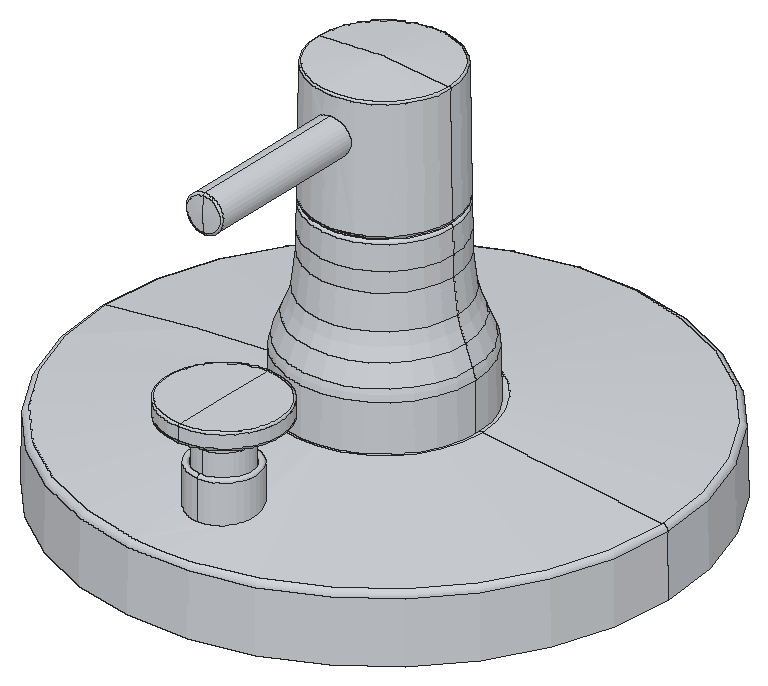
Revit family "Faucet-Valve_Trim-KOHLER-Toobi-K-T8979-4", category Generic Models, host Face, Revit 2015
Parameters (values of type "CP-Polished Chrome")
  Width = 6 1/2"  # constant formula
  URL = "http://www.us.kohler.com/us/"
  Type = 1
  Product Page URL = "http://www.us.kohler.com/us/catalog/productDetails.jsp?productNumber=T8979-4"
  Product Name = "Toobi"  # constant formula
  Product Documentation Link = "http://www.us.kohler.com/onlinecatalog/pdf/K-T8979-4_spec.pdf"
  Outlet Connector = "Outlet Connection"  # constant formula
  Model = if(Type = 1, "K-T8979-4-CP", if(Type = 2, "K-T8979-4-BN", "NA"))  # "K-T8979-4-CP"
  Material = "Premium Metal Construction"  # constant formula
  MasterFormat 2004 = "10.28.13"  # constant formula
  MasterFormat 1995 = "10820"  # constant formula
  Manufacturer Address = "444 Highland Drive, Kohler, WI 53044"  # constant formula
  Manufacturer = "KOHLER Co."  # constant formula
  Length = 4 1/2"  # constant formula
  Inlet Connector = "Inlet Connection"  # constant formula
  Height = 6 1/2"  # constant formula
  Finish = Kohler-Metal-CP-Polished_Chrome
  Description = "Toobi Rite-Temp valve trim with diverter, valve not included"  # constant formula
  Default Elevation = 42"
  Date Modified = "10/05/2017"  # constant formula
  Date Created = "10/05/2017"  # constant formula
  Copyright = "Copyright KOHLER Company"  # constant formula
  Contact Us = "https://www.us.kohler.com/us/static/contact.jsp"
  Assembly Code = "C1030200"
  ADA Compliant = yes
Types (3): name | Type | Model | Finish
  (no name) | 1 | "K-T8979-4-CP" | Kohler-Metal-CP-Polished_Chrome
  CP-Polished Chrome | 1 | "K-T8979-4-CP" | Kohler-Metal-CP-Polished_Chrome
  BN-Vibrant Brushed Nickel | 2 | "K-T8979-4-BN" | Kohler-Metal-BN-Vibrant_Brushed_Nickel
Reference planes (in)
  plane 1 "Center (Front/Back)": y = 0
  plane 2: z = 0
  plane 3 "Center (Left/Right)": x = 0
  plane 4: y = 3.25
  plane 5: y = -3.25
  plane 6: x = -3.25
  plane 7: x = 3.25
  plane 8: z = 4.5
Dimensions and locks (in)
  "Width": plane 6 to plane 7
  "Height": plane 4 to plane 5
  "Length": plane 8 to level
  aligned and locked: plane 2 to host face
  aligned and locked: level to host face
Automatic sketch dimensions
  host sketch curve to host sketch curve = 96"  (x2)
Nested families (in)
  nested 1: "K-T8979-4" at (0, 0, 0), type "K-T8979-4"
Definition of nested family "K-T8979-4"
  Parameters (values of type "K-T8979-4")
    Material = none
  Reference planes (in)
    plane 1 "Center (Front/Back)": y = 0
    plane 2: z = 0
    plane 3 "Center (Left/Right)": x = 0
  Forms (in)
    Revolve 1, solid, material <- "Material"
      sketch origin (0, 0, 0) x (1, 0, 0) y (0, 0, 1)
        loop
          line (0, 0) -> (0, 4.44709)
          arc (0, 4.44709) -> (-0.37341, 4.43341) -> (-0.74481, 4.39243) r 5.10125
          arc (-0.74481, 4.39243) -> (-0.7582, 4.38515) -> (-0.7637, 4.37093) r 0.02212
          line (-0.7637, 4.37093) -> (-0.78715, 3.02709)
          arc (-0.78715, 3.02709) -> (-0.78146, 3.01281) -> (-0.76728, 3.00687) r 0.01988
          line (-0.76728, 3.00687) -> (-0.68374, 3.00687)
          arc (-0.68374, 3.00687) -> (-0.6981, 2.98662) -> (-0.72168, 2.97887) r 0.03971
          line (-0.72168, 2.97887) -> (-0.75788, 2.97887)
          arc (-0.75788, 2.97887) -> (-0.7791, 2.97019) -> (-0.78815, 2.94913) r 0.03027
          line (-0.78815, 2.94913) -> (-0.79295, 2.67401)
          arc (-0.79295, 2.67401) -> (-0.79475, 2.56421) -> (-0.79632, 2.45442) r 52.37896
          arc (-0.79632, 2.45442) -> (-0.8085, 2.2667) -> (-0.8399, 2.08123) r 1.82724
          arc (-0.8399, 2.08123) -> (-0.87883, 1.94412) -> (-0.93321, 1.81237) r 1.24227
          arc (-0.93321, 1.81237) -> (-0.98084, 1.70425) -> (-1.02102, 1.59314) r 1.74035
          arc (-1.02102, 1.59314) -> (-1.03687, 1.5321) -> (-1.04543, 1.46962) r 0.53517
          arc (-1.04543, 1.46962) -> (-1.05824, 1.18466) -> (-1.05263, 0.89946) r 4.41666
          arc (-1.05263, 0.89946) -> (-1.07602, 0.94855) -> (-1.12727, 0.96672) r 0.07105
          arc (-1.12727, 0.96672) -> (-2.1626, 0.88801) -> (-3.19298, 0.75987) r 21.70408
          arc (-3.19298, 0.75987) -> (-3.23548, 0.7367) -> (-3.25293, 0.69155) r 0.07031
          line (-3.25293, 0.69155) -> (-3.265, 0) -> (0, 0)
        axis (0, 4.44709) -> (0, 0)
      angle from 0 to 360
    Revolve 2, solid, material <- "Material"
      sketch origin (0, 0, 0) x (0, 1, 0) y (0, 0, 1)
        loop
          line (-2.30186, 1.94538) -> (-2.30186, 0.78304) -> (-1.92686, 0.78304) -> (-1.92686, 1.27296)
          arc (-1.92686, 1.27296) -> (-1.95686, 1.30296) -> (-1.98686, 1.27296) r 0.03
          line (-1.98686, 1.27296) -> (-1.98686, 1.24224) -> (-2.00186, 1.21516) -> (-2.00186, 1.54)
          arc (-2.00186, 1.54) -> (-1.93761, 1.69512) -> (-1.78249, 1.75938) r 0.21938
          line (-1.78249, 1.75938) -> (-1.67153, 1.75938)
          arc (-1.67153, 1.75938) -> (-1.65763, 1.76514) -> (-1.65186, 1.77905) r 0.01967
          line (-1.65186, 1.77905) -> (-1.65186, 1.92555)
          arc (-1.65186, 1.92555) -> (-1.65767, 1.93957) -> (-1.6717, 1.94538) r 0.01983
          line (-1.6717, 1.94538) -> (-2.30186, 1.94538)
        axis (-2.30186, 1.94538) -> (-2.30186, 0.78304)
      angle from 0 to 360
    Revolve 3, solid, material <- "Material"
      sketch origin (0, 0, 0) x (0, 1, 0) y (0, 0, 1)
        loop
          line (-2.60192, 3.95198) -> (-0.7326, 3.95198) -> (-0.7326, 4.16192) -> (-2.56832, 4.16192)
          arc (-2.56832, 4.16192) -> (-2.58249, 4.15658) -> (-2.5896, 4.14321) r 0.02146
          arc (-2.5896, 4.14321) -> (-2.59884, 4.04779) -> (-2.60192, 3.95198) r 1.4905
        axis (-2.60192, 3.95198) -> (-0.7326, 3.95198)
      angle from 0 to 360
  Cuts and joins
    joined: Revolve 1, Revolve 2, Revolve 3
  Lines and regions (in)
    Masking region 1
      outline origin (0, 0, 0) x (1, 0, 0) y (0, 0, 1)
        loop
          line (-3.265, 0) -> (3.265, 0) -> (3.25291, 0.69252)
          arc (3.25291, 0.69252) -> (3.23575, 0.73692) -> (3.19396, 0.75972) r 0.06916
          arc (3.19396, 0.75972) -> (2.15814, 0.88863) -> (1.11732, 0.96753) r 21.67349
          line (1.11732, 0.96753) -> (1.05564, 0.96753)
          arc (1.05564, 0.96753) -> (1.05721, 1.20631) -> (1.04723, 1.44488) r 4.93242
          arc (1.04723, 1.44488) -> (1.02199, 1.59555) -> (0.96732, 1.73821) r 0.76532
          arc (0.96732, 1.73821) -> (0.84419, 2.07019) -> (0.79703, 2.42112) r 1.60135
          line (0.79703, 2.42112) -> (0.78816, 2.9481)
          arc (0.78816, 2.9481) -> (0.77881, 2.96989) -> (0.75687, 2.97887) r 0.03129
          line (0.75687, 2.97887) -> (0.72021, 2.97887)
          arc (0.72021, 2.97887) -> (0.69736, 2.98685) -> (0.68374, 3.00687) r 0.03867
          line (0.68374, 3.00687) -> (0.76777, 3.00687)
          arc (0.76777, 3.00687) -> (0.78158, 3.01265) -> (0.78714, 3.02656) r 0.01937
          line (0.78714, 3.02656) -> (0.76453, 4.3691)
          arc (0.76453, 4.3691) -> (0.75851, 4.38467) -> (0.74385, 4.39264) r 0.0242
          arc (0.74385, 4.39264) -> (0, 4.44709) -> (-0.74385, 4.39264) r 5.1079
          arc (-0.74385, 4.39264) -> (-0.75851, 4.38467) -> (-0.76453, 4.3691) r 0.0242
          line (-0.76453, 4.3691) -> (-0.78714, 3.02656)
          arc (-0.78714, 3.02656) -> (-0.78158, 3.01265) -> (-0.76777, 3.00687) r 0.01937
          line (-0.76777, 3.00687) -> (-0.68374, 3.00687)
          arc (-0.68374, 3.00687) -> (-0.69736, 2.98685) -> (-0.72021, 2.97887) r 0.03867
          line (-0.72021, 2.97887) -> (-0.75687, 2.97887)
          arc (-0.75687, 2.97887) -> (-0.77881, 2.96989) -> (-0.78816, 2.9481) r 0.03129
          line (-0.78816, 2.9481) -> (-0.79703, 2.42112)
          arc (-0.79703, 2.42112) -> (-0.84419, 2.07019) -> (-0.96732, 1.73821) r 1.60135
          arc (-0.96732, 1.73821) -> (-1.02199, 1.59555) -> (-1.04723, 1.44488) r 0.76532
          arc (-1.04723, 1.44488) -> (-1.05721, 1.20631) -> (-1.05564, 0.96753) r 4.93242
          line (-1.05564, 0.96753) -> (-1.11732, 0.96753)
          arc (-1.11732, 0.96753) -> (-2.15814, 0.88863) -> (-3.19396, 0.75972) r 21.67349
          arc (-3.19396, 0.75972) -> (-3.23575, 0.73692) -> (-3.25291, 0.69252) r 0.06916
          line (-3.25291, 0.69252) -> (-3.265, 0)
    Masking region 2
      outline origin (0, 0, 0) x (0, 1, 0) y (0, 0, 1)
        loop
          line (3.265, 0) -> (3.25291, 0.69252)
          arc (3.25291, 0.69252) -> (3.23575, 0.73692) -> (3.19396, 0.75972) r 0.06916
          arc (3.19396, 0.75972) -> (2.15814, 0.88863) -> (1.11732, 0.96753) r 21.67349
          line (1.11732, 0.96753) -> (1.05564, 0.96753)
          arc (1.05564, 0.96753) -> (1.05721, 1.20631) -> (1.04723, 1.44488) r 4.93242
          arc (1.04723, 1.44488) -> (1.02199, 1.59555) -> (0.96732, 1.73821) r 0.76532
          arc (0.96732, 1.73821) -> (0.84419, 2.07019) -> (0.79703, 2.42112) r 1.60135
          line (0.79703, 2.42112) -> (0.78816, 2.9481)
          arc (0.78816, 2.9481) -> (0.77881, 2.96989) -> (0.75687, 2.97887) r 0.03129
          line (0.75687, 2.97887) -> (0.72021, 2.97887)
          arc (0.72021, 2.97887) -> (0.69736, 2.98685) -> (0.68374, 3.00687) r 0.03867
          line (0.68374, 3.00687) -> (0.76777, 3.00687)
          arc (0.76777, 3.00687) -> (0.78158, 3.01265) -> (0.78714, 3.02656) r 0.01937
          line (0.78714, 3.02656) -> (0.76453, 4.3691)
          arc (0.76453, 4.3691) -> (0.75851, 4.38467) -> (0.74385, 4.39264) r 0.0242
          arc (0.74385, 4.39264) -> (0, 4.44709) -> (-0.74385, 4.39264) r 5.1079
          arc (-0.74385, 4.39264) -> (-0.75851, 4.38467) -> (-0.76453, 4.3691) r 0.0242
          line (-0.76453, 4.3691) -> (-0.76802, 4.16192) -> (-2.56802, 4.16192)
          arc (-2.56802, 4.16192) -> (-2.58276, 4.15637) -> (-2.5902, 4.14248) r 0.02238
          arc (-2.5902, 4.14248) -> (-2.60284, 3.95179) -> (-2.59026, 3.76109) r 1.44841
          arc (-2.59026, 3.76109) -> (-2.58297, 3.74747) -> (-2.56851, 3.74204) r 0.02194
          line (-2.56851, 3.74204) -> (-0.77509, 3.74204) -> (-0.78714, 3.02656)
          arc (-0.78714, 3.02656) -> (-0.78158, 3.01265) -> (-0.76777, 3.00687) r 0.01937
          line (-0.76777, 3.00687) -> (-0.68374, 3.00687)
          arc (-0.68374, 3.00687) -> (-0.69736, 2.98685) -> (-0.72021, 2.97887) r 0.03867
          line (-0.72021, 2.97887) -> (-0.75687, 2.97887)
          arc (-0.75687, 2.97887) -> (-0.77881, 2.96989) -> (-0.78816, 2.9481) r 0.03129
          line (-0.78816, 2.9481) -> (-0.79703, 2.42112)
          arc (-0.79703, 2.42112) -> (-0.84419, 2.07019) -> (-0.96732, 1.73821) r 1.60135
          arc (-0.96732, 1.73821) -> (-1.02199, 1.59555) -> (-1.04723, 1.44488) r 0.76532
          arc (-1.04723, 1.44488) -> (-1.05721, 1.20631) -> (-1.05564, 0.96753) r 4.93242
          line (-1.05564, 0.96753) -> (-1.11732, 0.96753)
          arc (-1.11732, 0.96753) -> (-1.52227, 0.94282) -> (-1.92669, 0.91054) r 21.67349
          line (-1.92669, 0.91054) -> (-1.92669, 1.27342)
          arc (-1.92669, 1.27342) -> (-1.93535, 1.29432) -> (-1.95625, 1.30298) r 0.02955
          line (-1.95625, 1.30298) -> (-2.00186, 1.30298) -> (-2.00186, 1.54045)
          arc (-2.00186, 1.54045) -> (-1.93774, 1.69526) -> (-1.78294, 1.75938) r 0.21893
          line (-1.78294, 1.75938) -> (-1.67171, 1.75938)
          arc (-1.67171, 1.75938) -> (-1.65768, 1.76519) -> (-1.65187, 1.77922) r 0.01984
          line (-1.65187, 1.77922) -> (-1.65187, 1.9257)
          arc (-1.65187, 1.9257) -> (-1.65763, 1.93961) -> (-1.67154, 1.94538) r 0.01967
          line (-1.67154, 1.94538) -> (-2.93219, 1.94538)
          arc (-2.93219, 1.94538) -> (-2.9461, 1.93961) -> (-2.95186, 1.9257) r 0.01967
          line (-2.95186, 1.9257) -> (-2.95186, 1.77922)
          arc (-2.95186, 1.77922) -> (-2.94605, 1.76519) -> (-2.93202, 1.75938) r 0.01984
          line (-2.93202, 1.75938) -> (-2.82079, 1.75938)
          arc (-2.82079, 1.75938) -> (-2.66599, 1.69526) -> (-2.60186, 1.54045) r 0.21893
          line (-2.60186, 1.54045) -> (-2.60186, 1.30298) -> (-2.64748, 1.30298)
          arc (-2.64748, 1.30298) -> (-2.66838, 1.29432) -> (-2.67709, 1.27342) r 0.02955
          line (-2.67709, 1.27342) -> (-2.67709, 0.83038)
          arc (-2.67709, 0.83038) -> (-2.93573, 0.7966) -> (-3.19396, 0.75972) r 21.67349
          arc (-3.19396, 0.75972) -> (-3.23575, 0.73692) -> (-3.25291, 0.69252) r 0.06916
          line (-3.25291, 0.69252) -> (-3.265, 0) -> (3.265, 0)
    Masking region 3
      outline origin (0, 0, 0) x (1, 0, 0) y (0, 1, 0)
        loop
          circle (0, 0) r 3.265
    symbolic lines, detail levels medium+fine
      curve 1: line (-0.68374, 0, 3.00687) -> (0.68374, 0, 3.00687)
      curve 2: line (-0.72021, 0, 2.97887) -> (0.72021, 0, 2.97887)
      curve 3: circle (0, 0, 3.95198) r 0.20994 normal (0, -1, 0)
      curve 4: spline (-0.37938, 0, 0.87075) -> (-0.36852, 0, 0.86031) -> (-0.33233, 0, 0.85055) -> (-0.27332, 0, 0.84216) -> (-0.19558, 0, 0.83572) -> (-0.10446, 0, 0.83166) -> (-0.00627, 0, 0.83028) -> (0.09221, 0, 0.83166) -> (0.18417, 0, 0.83572) -> (0.26326, 0, 0.84216) -> (0.32401, 0, 0.85055) -> (0.36222, 0, 0.86031) -> (0.37526, 0, 0.87075)
      curve 5: line (-1.05564, 0, 0.96753) -> (-0.37526, 0, 0.96753)
      curve 6: line (0.37526, 0, 0.87075) -> (0.37526, 0, 1.27343)
      curve 7: line (-0.63001, 0, 1.94542) -> (0.63001, 0, 1.94542)
      curve 8: line (-0.63127, 0, 1.75946) -> (-0.51811, 0, 1.75946)
      curve 9: line (-0.65001, 0, 1.92541) -> (-0.65001, 0, 1.77821)
      curve 10: arc (-0.65001, 0, 1.92541) -> (-0.64415, 0, 1.93956) -> (-0.63001, 0, 1.94542) r 0.02001
      curve 11: arc (-0.65001, 0, 1.77821) -> (-0.64452, 0, 1.76495) -> (-0.63127, 0, 1.75946) r 0.01875
      curve 12: line (0.65001, 0, 1.92541) -> (0.65001, 0, 1.77821)
      curve 13: arc (0.65001, 0, 1.92541) -> (0.64415, 0, 1.93956) -> (0.63001, 0, 1.94542) r 0.02001
      curve 14: arc (0.65001, 0, 1.77821) -> (0.64452, 0, 1.76495) -> (0.63127, 0, 1.75946) r 0.01875
      curve 15: line (-0.3, 0, 1.30296) -> (-0.3, 0, 1.54135)
      curve 16: arc (-0.51811, 0, 1.75946) -> (-0.36388, 0, 1.69558) -> (-0.3, 0, 1.54135) r 0.21811
      curve 17: line (0.63127, 0, 1.75946) -> (0.51811, 0, 1.75946)
      curve 18: line (0.3, 0, 1.30296) -> (0.3, 0, 1.54135)
      curve 19: arc (0.51811, 0, 1.75946) -> (0.36388, 0, 1.69558) -> (0.3, 0, 1.54135) r 0.21811
      curve 20: line (0.3, 0, 1.30296) -> (0.34573, 0, 1.30296)
      curve 21: arc (0.34573, 0, 1.30296) -> (0.36661, 0, 1.29431) -> (0.37526, 0, 1.27343) r 0.02953
      curve 22: line (-0.37526, 0, 0.87075) -> (-0.37526, 0, 1.27343)
      curve 23: line (-0.3, 0, 1.30296) -> (-0.34573, 0, 1.30296)
      curve 24: arc (-0.34573, 0, 1.30296) -> (-0.36661, 0, 1.29431) -> (-0.37526, 0, 1.27343) r 0.02953
      curve 25: line (0.37526, 0, 0.96753) -> (1.05564, 0, 0.96753)
      curve 26: line (-0.51811, 0, 1.75946) -> (0.51811, 0, 1.75946)
      curve 27: line (-0.3, 0, 1.30296) -> (0.3, 0, 1.30296)
      curve 28: line (0, 0.68374, 3.00687) -> (0, -0.68374, 3.00687)
      curve 29: line (0, 0.72021, 2.97887) -> (0, -0.7216, 2.97887)
      curve 30: line (0, 1.05564, 0.96753) -> (0, -1.05564, 0.96753)
      curve 31: line (0, -0.77467, 3.74204) -> (0, -0.76734, 4.16192)
      curve 32: spline (0, -1.92663, 0.91034) -> (0, -1.93986, 0.90883) -> (0, -1.97758, 0.9047) -> (0, -2.03724, 0.89825) -> (0, -2.11481, 0.88991) -> (0, -2.20504, 0.88025) -> (0, -2.30182, 0.86991) -> (0, -2.3986, 0.8596) -> (0, -2.48884, 0.85001) -> (0, -2.56642, 0.8418) -> (0, -2.62611, 0.83552) -> (0, -2.66385, 0.83159) -> (0, -2.6771, 0.83029)
      curve 33: line (0, -2.00186, 1.30298) -> (0, -2.60186, 1.30298)
      curve 34: line (0, -1.78294, 1.75938) -> (0, -2.82079, 1.75938)
      curve 35: arc (1.05263, 0, 0) -> (0, 1.05263, 0) -> (-1.05263, 0, 0) r 1.05263
      curve 36: arc (-1.05263, 0, 0) -> (-0.81518, -0.66598, 0) -> (-0.20994, -1.03149, 0) r 1.05263
      curve 37: arc (-0.20994, -1.68651, 0) -> (0, -2.95204, 0) -> (0.20994, -1.68651, 0) r 0.65018
      curve 38: circle (0, 0, 0) r 0.78723 normal (0, 0, 1)
      curve 39: line (-0.20994, -0.75872, 0) -> (-0.20994, -2.56854, 0)
      curve 40: line (0.20994, -0.75872, 0) -> (0.20994, -2.56799, 0)
      curve 41: arc (-0.19087, -2.5902, 0) -> (-0.00028, -2.60235, 0) -> (0.19032, -2.59027, 0) r 1.50446
      curve 42: arc (-0.20994, -2.56854, 0) -> (-0.20449, -2.58296, 0) -> (-0.19087, -2.5902, 0) r 0.02184
      curve 43: arc (0.20994, -2.56799, 0) -> (0.20433, -2.58283, 0) -> (0.19032, -2.59027, 0) r 0.02245
      curve 44: arc (0.20994, -1.03149, 0) -> (0.81518, -0.66598, 0) -> (1.05263, 0, 0) r 1.05263
  Dimensions and locks (in)
    aligned and locked: plane 2 to level
